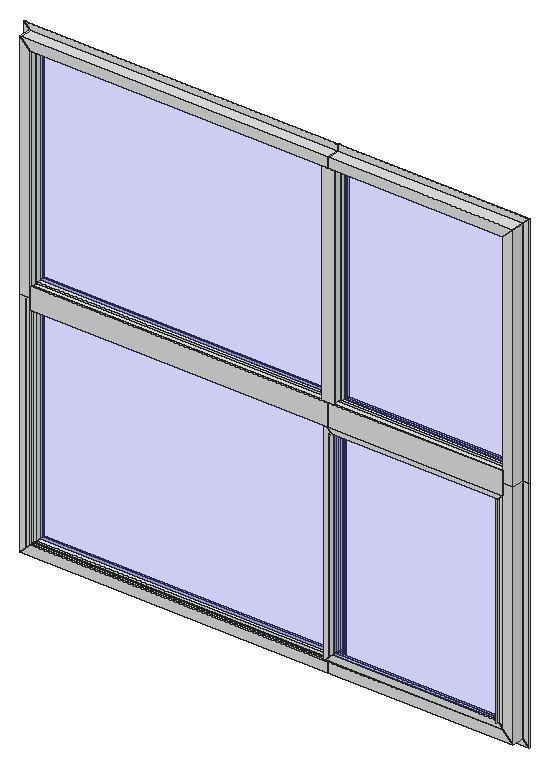
Revit family "531_XO-UT_stucco", category Windows, host Wall, Revit 2016 (continued)
Automatic sketch dimensions
  Extrusion 7 sketch curve to Extrusion 7 sketch curve = 0.03674"
  Extrusion 7 sketch curve to Extrusion 7 sketch curve = 0.2"
  Extrusion 7 sketch curve to Extrusion 7 sketch curve = 0.2425"
  Extrusion 7 sketch curve to Extrusion 7 sketch curve = 0.122"  (x2)
  Extrusion 7 sketch curve to Extrusion 7 sketch curve = 1/2"
  Extrusion 7 sketch curve to Extrusion 7 sketch curve = 0.0395"
  Extrusion 7 sketch curve to Extrusion 7 sketch curve = 0.4135"
  Extrusion 7 sketch curve to host wall = 0.185"
  host wall to Extrusion 7 sketch curve = 0.065"
  host wall to Extrusion 7 sketch curve = 0.315"
  Extrusion 7 sketch curve to plane 24 "Front of glass" = 0.3485"
  Extrusion 7 sketch curve to plane 24 "Front of glass" = 0.4135"
  Extrusion 8 sketch curve to host wall = 0.1225"
  plane 20 to Extrusion 8 sketch curve = 0.50076"
  Extrusion 8 sketch curve to host wall = 0.0005"
  Extrusion 8 sketch curve to Extrusion 8 sketch curve = 0"
  plane 24 "Front of glass" to Extrusion 8 sketch curve = 0.03"
  Extrusion 8 sketch curve to Extrusion 8 sketch curve = 0.03674"
  Extrusion 8 sketch curve to plane 24 "Front of glass" = 0.0095"
  Extrusion 8 sketch curve to Extrusion 8 sketch curve = 0.02523"
  plane 20 to Extrusion 8 sketch curve = 0.15576"
  plane 20 to Extrusion 8 sketch curve = 0.00076"  (x2)
  Extrusion 8 sketch curve to plane 20 = 0.12424"
  Extrusion 8 sketch curve to plane 6 "Head" = 0.2"
  Extrusion 8 sketch curve to Extrusion 8 sketch curve = 0.2"
  Extrusion 8 sketch curve to Extrusion 8 sketch curve = 0.6125"
  host wall to Extrusion 8 sketch curve = 0.065"
  Extrusion 8 sketch curve to Extrusion 8 sketch curve = 0.122"
  Extrusion 8 sketch curve to plane 24 "Front of glass" = 0.3485"
  Extrusion 8 sketch curve to Extrusion 8 sketch curve = 0.36391"
  Extrusion 8 sketch curve to Extrusion 8 sketch curve = 0.065"
  plane 22 to Extrusion 9 sketch curve = 0"  (x2)
  plane 19 to Extrusion 9 sketch curve = 0"  (x2)
  plane 22 to Extrusion 9 sketch curve = 0.438"
  Extrusion 9 sketch curve to Extrusion 9 sketch curve = 0.02526"  (x2)
  Extrusion 9 sketch curve to Extrusion 9 sketch curve = 1/2"  (x2)
  Extrusion 9 sketch curve to Extrusion 9 sketch curve = 0.03674"
  Extrusion 9 sketch curve to plane 22 = 0.08733"
  Extrusion 9 sketch curve to Extrusion 9 sketch curve = 0.03767"
  Extrusion 9 sketch curve to host wall = 0.185"
  plane 18 to Extrusion 9 sketch curve = 1/2"
  Extrusion 9 sketch curve to Extrusion 9 sketch curve = 1/8"
  plane 19 to Extrusion 9 sketch curve = 0.001"
  Extrusion 9 sketch curve to plane 19 = 0.155"
  Extrusion 9 sketch curve to plane 19 = 0.438"
  Extrusion 9 sketch curve to Extrusion 9 sketch curve = 0.345"
  Extrusion 9 sketch curve to host wall = 0.0005"
  Extrusion 9 sketch curve to Extrusion 9 sketch curve = 0"
  Extrusion 9 sketch curve to Extrusion 9 sketch curve = 0.2"  (x2)
  Extrusion 9 sketch curve to Extrusion 9 sketch curve = 0.2425"
  Extrusion 9 sketch curve to Extrusion 9 sketch curve = 0.122"  (x3)
  Extrusion 9 sketch curve to Extrusion 9 sketch curve = 0.0395"
  Extrusion 9 sketch curve to Extrusion 9 sketch curve = 0.36391"  (x2)
  Extrusion 9 sketch curve to Extrusion 9 sketch curve = 0.01009"
  Extrusion 9 sketch curve to Extrusion 9 sketch curve = 0.7345"
  host wall to Extrusion 9 sketch curve = 0.315"
  plane 24 "Front of glass" to Extrusion 9 sketch curve = 0.152"
  plane 24 "Front of glass" to Extrusion 9 sketch curve = 0.03"
  Extrusion 9 sketch curve to plane 24 "Front of glass" = 0.0095"
  Extrusion 9 sketch curve to plane 24 "Front of glass" = 0.37122"
  Extrusion 9 sketch curve to Extrusion 9 sketch curve = 0.04228"
  plane 24 "Front of glass" to Extrusion 10 sketch curve = 0"
  Extrusion 10 sketch curve to plane 24 "Front of glass" = 0.0395"
  Extrusion 10 sketch curve to plane 24 "Front of glass" = 0.3485"
  plane 15 to Extrusion 10 sketch curve = 0.09787"
  Extrusion 10 sketch curve to plane 24 "Front of glass" = 0.40341"
  plane 15 to Extrusion 10 sketch curve = 0.14"
  Extrusion 10 sketch curve to Extrusion 10 sketch curve = 0.01009"
  host wall to Extrusion 10 sketch curve = 0.065"
  Extrusion 10 sketch curve to host wall = 0.0925"
  Extrusion 10 sketch curve to host wall = 0.735"
  Extrusion 10 sketch curve to Extrusion 10 sketch curve = 0.2"  (x2)
  plane 15 to Extrusion 10 sketch curve = 3/8"
  plane 15 to Extrusion 10 sketch curve = 0.0005"
  Extrusion 10 sketch curve to plane 15 = 7/16"
  Extrusion 10 sketch curve to Extrusion 10 sketch curve = 0.02526"
  Extrusion 10 sketch curve to plane 15 = 0.4995"
  host wall to Extrusion 11 sketch curve = 0.065"
  Extrusion 11 sketch curve to plane 16 = 0.12414"
  host wall to Extrusion 11 sketch curve = 0.315"
  Extrusion 11 sketch curve to plane 24 "Front of glass" = 0.3485"
  Extrusion 11 sketch curve to Extrusion 11 sketch curve = 0.065"
  Extrusion 11 sketch curve to host wall = 0.185"
  Extrusion 11 sketch curve to Extrusion 11 sketch curve = 0.56044"
  Extrusion 11 sketch curve to plane 13 = 0.139"
  Extrusion 11 sketch curve to Extrusion 11 sketch curve = 0.08956"
  Extrusion 11 sketch curve to Extrusion 11 sketch curve = 0.01009"
  Extrusion 11 sketch curve to Extrusion 11 sketch curve = 0.36391"
  plane 13 to Extrusion 11 sketch curve = 0.46426"
  Extrusion 11 sketch curve to Extrusion 11 sketch curve = 0.0395"
  Extrusion 11 sketch curve to Extrusion 11 sketch curve = 0.2425"
  Extrusion 11 sketch curve to Extrusion 11 sketch curve = 0.37545"
  Extrusion 11 sketch curve to Extrusion 11 sketch curve = 0.06205"
  Extrusion 11 sketch curve to Extrusion 11 sketch curve = 0.02526"
  Extrusion 11 sketch curve to Extrusion 11 sketch curve = 1/16"
  Extrusion 11 sketch curve to Extrusion 11 sketch curve = 0.04263"
  Extrusion 11 sketch curve to Extrusion 11 sketch curve = 0.4845"
  Extrusion 11 sketch curve to plane 16 = 0.24914"
  Extrusion 11 sketch curve to plane 4 "Right" = 0.2"
  plane 24 "Front of glass" to Extrusion 12 sketch curve = 0"
  Extrusion 12 sketch curve to plane 24 "Front of glass" = 0.0395"
  Extrusion 12 sketch curve to plane 14 = 0.08526"
  Extrusion 12 sketch curve to plane 24 "Front of glass" = 0.40341"
  Extrusion 12 sketch curve to Extrusion 12 sketch curve = 0.01009"
  plane 24 "Front of glass" to Extrusion 12 sketch curve = 0.2065"
  Extrusion 12 sketch curve to Extrusion 12 sketch curve = 0.1"  (x2)
  Extrusion 12 sketch curve to host wall = 0.0925"
  Extrusion 12 sketch curve to host wall = 0.155"
  plane 17 to Extrusion 12 sketch curve = 0.1251"
  Extrusion 12 sketch curve to Extrusion 12 sketch curve = 0.45"
  plane 17 to Extrusion 12 sketch curve = 0.3121"
  Extrusion 12 sketch curve to Extrusion 12 sketch curve = 0.504"
  Extrusion 12 sketch curve to Extrusion 12 sketch curve = 0.37446"
  Extrusion 12 sketch curve to Extrusion 12 sketch curve = 0.06238"
  Extrusion 12 sketch curve to Extrusion 12 sketch curve = 0.00066"
  plane 12 to Extrusion 12 sketch curve = 0.09724"
  plane 12 to Extrusion 12 sketch curve = 0.07198"
  Extrusion 12 sketch curve to Extrusion 12 sketch curve = 0.00721"
  Extrusion 12 sketch curve to Extrusion 12 sketch curve = 0.02526"
  Extrusion 12 sketch curve to Extrusion 12 sketch curve = 0"
  Extrusion 12 sketch curve to plane 17 = 0.2899"  (x2)
  plane 11 "VBS" to Extrusion 25 sketch curve = 0"
  plane 14 to Extrusion 25 sketch curve = 0.166"
  plane 12 to Extrusion 25 sketch curve = 0.54998"
  Extrusion 25 sketch curve to plane 17 = 0.3339"
  plane 5 "Sill" to Extrusion 25 sketch curve = 0.85"
  Extrusion 25 sketch curve to plane 21 = 1/2"
  Extrusion 25 sketch curve to plane 23 = 1.084"
  plane 12 to Extrusion 26 sketch curve = 0.68007"
  plane 14 to Extrusion 26 sketch curve = 0.166"
  plane 17 to Extrusion 26 sketch curve = 0.2501"
  Extrusion 26 sketch curve to plane 17 = 0.45381"
  plane 5 "Sill" to Extrusion 26 sketch curve = 0.6"
  Extrusion 26 sketch curve to plane 21 = 1/2"
  Extrusion 26 sketch curve to plane 23 = 1/2"
  plane 11 "VBS" to Extrusion 27 sketch curve = 0"
  plane 14 to Extrusion 27 sketch curve = 0.122"
  plane 12 to Extrusion 27 sketch curve = 0.63398"
  Extrusion 27 sketch curve to plane 17 = 0.38874"
  plane 22 to Extrusion 27 sketch curve = 1.13885"
  plane 18 to Extrusion 27 sketch curve = 1/2"
  Extrusion 27 sketch curve to plane 19 = 1.27981"
  plane 12 to Extrusion 28 sketch curve = 0.50598"
  plane 14 to Extrusion 28 sketch curve = 0.122"
  plane 17 to Extrusion 28 sketch curve = 0.2501"
  plane 22 to Extrusion 28 sketch curve = 1/2"
  Extrusion 28 sketch curve to plane 17 = 1.52267"
  plane 18 to Extrusion 28 sketch curve = 1/2"
  Extrusion 28 sketch curve to plane 19 = 1/2"
  plane 13 to Extrusion 29 sketch curve = 2.1265"
  plane 16 to Extrusion 29 sketch curve = 0.50086"
  Extrusion 29 sketch curve to plane 4 "Right" = 1.85"
  plane 22 to Extrusion 29 sketch curve = 2.1255"
  plane 18 to Extrusion 29 sketch curve = 0.4975"
  Extrusion 29 sketch curve to plane 19 = 2.0325"
  plane 13 to Extrusion 30 sketch curve = 1.629"
  plane 16 to Extrusion 30 sketch curve = 0.50336"
  plane 22 to Extrusion 30 sketch curve = 1.628"
  plane 18 to Extrusion 30 sketch curve = 1/2"
  plane 19 to Extrusion 30 sketch curve = 0.72"
  plane 13 to Extrusion 31 sketch curve = 2.07269"
  Extrusion 31 sketch curve to plane 4 "Right" = 1.40381"
  plane 5 "Sill" to Extrusion 31 sketch curve = 1.40381"
  Extrusion 31 sketch curve to plane 23 = 2.03019"
  plane 13 to Extrusion 32 sketch curve = 1.71914"
  Extrusion 32 sketch curve to plane 4 "Right" = 1.93497"
  plane 5 "Sill" to Extrusion 32 sketch curve = 1.93497"
  Extrusion 32 sketch curve to plane 23 = 1.67664"
  plane 3 "Left" to Extrusion 42 sketch curve = 2.00736"
  Extrusion 42 sketch curve to plane 15 = 1.42157"
  plane 5 "Sill" to Extrusion 42 sketch curve = 2.00736"
  Extrusion 42 sketch curve to plane 23 = 0.25557"
  plane 3 "Left" to Extrusion 43 sketch curve = 1.63553"
  Extrusion 43 sketch curve to plane 23 = 0.04847"
  Extrusion 43 sketch curve to plane 15 = 1.21447"
  plane 5 "Sill" to Extrusion 43 sketch curve = 1.63553"
  Extrusion 44 sketch curve to plane 19 = 2.2349"
  plane 3 "Left" to Extrusion 44 sketch curve = 6.74016"
  Extrusion 44 sketch curve to plane 15 = 1/2"
  plane 22 to Extrusion 44 sketch curve = 0.9231"
  plane 3 "Left" to Extrusion 45 sketch curve = 1.86091"
  Extrusion 45 sketch curve to plane 15 = 1.52513"
  plane 20 to Extrusion 45 sketch curve = 1.52588"
  Extrusion 45 sketch curve to plane 6 "Head" = 1.86091"
  plane 3 "Left" to Extrusion 46 sketch curve = 1.82878"
  Extrusion 46 sketch curve to plane 15 = 1.34835"
  plane 20 to Extrusion 46 sketch curve = 1.34911"
  Extrusion 46 sketch curve to plane 6 "Head" = 1.82878"
  plane 20 to Extrusion 47 sketch curve = 0.50076"
  Extrusion 47 sketch curve to plane 6 "Head" = 1.85"
  plane 13 to Extrusion 48 sketch curve = 0.79807"
  Extrusion 48 sketch curve to plane 4 "Right" = 1.80845"
  plane 20 to Extrusion 48 sketch curve = 1.92348"
  Extrusion 48 sketch curve to plane 6 "Head" = 1.8073"
  Extrusion 49 sketch curve to plane 13 = 0.04863"
  Extrusion 49 sketch curve to plane 4 "Right" = 1.90496"
  plane 20 to Extrusion 49 sketch curve = 1.07678"
  Extrusion 49 sketch curve to plane 6 "Head" = 1.90381"
  curve 34 to curve 38 = 1 1/2"
  curve 37 to curve 39 = 2 1/2"
  curve 44 to curve 46 = 0"  (x2)
  curve 46 to curve 44 = 2 1/2"
  curve 44 to curve 45 = 2 1/2"
  curve 40 to curve 47 = 1 1/2"
  curve 43 to curve 48 = 2 1/2"
  curve 55 to curve 53 = 2 1/2"
  curve 55 to curve 54 = 2 1/2"
  curve 53 to curve 55 = 0"  (x2)
  curve 49 to curve 56 = 1 1/2"
  curve 52 to curve 57 = 2 1/2"
  curve 60 to curve 59 = 0"
  curve 60 to curve 60 = 2 1/2"
  curve 59 to curve 58 = 2 1/2"  (x2)
  curve 59 to curve 58 = 0"
  curve 60 to curve 59 = 2 1/2"
  plane 13 to curve 63 = 2.35586"
  curve 64 to curve 68 = 2 1/2"
  curve 69 to curve 64 = 2"
  curve 72 to curve 71 = 0"
  curve 73 to curve 77 = 2 1/2"
  curve 78 to curve 73 = 2"
  curve 81 to curve 80 = 0"
  curve 82 to curve 86 = 2 1/2"
  curve 87 to curve 85 = 2"
  curve 90 to curve 89 = 0"
  plane 15 to Extrusion 1 sketch curve = 0.0001"
  plane 24 "Front of glass" to Extrusion 50 sketch curve = 0.03"
  plane 12 to Extrusion 2 sketch curve = 0.38409"
  plane 12 to Extrusion 2 sketch curve = 0.34734"
  Extrusion 2 sketch curve to host wall = 0.1225"
  plane 16 to Extrusion 3 sketch curve = 0.50075"
  plane 24 "Front of glass" to Extrusion 3 sketch curve = 0.03"
  plane 16 to Extrusion 3 sketch curve = 0.46401"
  Extrusion 3 sketch curve to Extrusion 3 sketch curve = 0.02526"
  plane 16 to Extrusion 3 sketch curve = 0.15575"
  Extrusion 3 sketch curve to plane 16 = 0.12414"
  Extrusion 3 sketch curve to plane 4 "Right" = 0.2"
  Extrusion 3 sketch curve to Extrusion 3 sketch curve = 0.2"
  Extrusion 3 sketch curve to host wall = 0.735"
  Extrusion 3 sketch curve to host wall = 0.1225"
  host wall to Extrusion 3 sketch curve = 0.065"
  Extrusion 3 sketch curve to plane 24 "Front of glass" = 0.0095"
  Extrusion 3 sketch curve to plane 24 "Front of glass" = 0.3485"
  Extrusion 3 sketch curve to plane 24 "Front of glass" = 0.37341"
  Extrusion 3 sketch curve to Extrusion 3 sketch curve = 0.04009"
  Extrusion 12 sketch curve to plane 14 = 0"
  Extrusion 12 sketch curve to Extrusion 12 sketch curve = 0.744"
  Extrusion 12 sketch curve to Extrusion 12 sketch curve = 0.0395"
  Extrusion 53 sketch curve to Extrusion 53 sketch curve = 0.744"
  Extrusion 11 sketch curve to Extrusion 11 sketch curve = 0.501"
  Extrusion 11 sketch curve to Extrusion 11 sketch curve = 0.744"
  Extrusion 4 sketch curve to host wall = 0.0925"
  Extrusion 6 sketch curve to Extrusion 6 sketch curve = 0.46326"
  plane 18 to Extrusion 6 sketch curve = 0"
  plane 19 to Extrusion 6 sketch curve = 0"
  Extrusion 6 sketch curve to host wall = 0.1225"
  Extrusion 6 sketch curve to plane 19 = 1/2"
  Extrusion 6 sketch curve to Extrusion 6 sketch curve = 0.6125"
  Extrusion 5 sketch curve to Extrusion 5 sketch curve = 0.46326"
  plane 20 to Extrusion 5 sketch curve = 0.00076"
  Extrusion 5 sketch curve to Extrusion 5 sketch curve = 1/2"
  Extrusion 5 sketch curve to Extrusion 5 sketch curve = 0.6125"
Types (90): name | VBS | MLW3 | MLW2 | MLW | Interior Color | Height | HBS | Exterior Color | Width
  (no name) | 36" | 5 5/8" | 7 1/2" | 4 1/2" | White | 90" | 45" | White | 96"
  36x36 | 18" | 2 1/4" | 2 1/4" | 2 1/4" | none | 36" | 18" | none | 36"
  72x72 | 36" | 4 1/2" | 4 1/2" | 4 1/2" | none | 72" | 36" | none | 72"
  24x24Min | 12" | 1 1/2" | 1 1/2" | 1 1/2" | none | 24" | 12" | none | 24"
  96x96Max | 36" | 6" | 7 1/2" | 4 1/2" | none | 96" | 48" | none | 96"
  48x48 | 24" | 3" | 3" | 3" | none | 48" | 24" | none | 48"
  60x60 | 30" | 3 3/4" | 3 3/4" | 3 3/4" | none | 60" | 30" | none | 60"
  84x84 | 36" | 5 1/4" | 6" | 4 1/2" | none | 84" | 42" | none | 84"
  24x30 | 12" | 1 7/8" | 1 1/2" | 1 1/2" | none | 30" | 15" | none | 24"
  24x36 | 12" | 2 1/4" | 1 1/2" | 1 1/2" | none | 36" | 18" | none | 24"
  24x42 | 12" | 2 5/8" | 1 1/2" | 1 1/2" | none | 42" | 21" | none | 24"
  24x48 | 12" | 3" | 1 1/2" | 1 1/2" | none | 48" | 24" | none | 24"
  30x24 | 15" | 1 1/2" | 1 7/8" | 1 7/8" | none | 24" | 12" | none | 30"
  30x30 | 15" | 1 7/8" | 1 7/8" | 1 7/8" | none | 30" | 15" | none | 30"
  30x36 | 15" | 2 1/4" | 1 7/8" | 1 7/8" | none | 36" | 18" | none | 30"
  30x42 | 15" | 2 5/8" | 1 7/8" | 1 7/8" | none | 42" | 21" | none | 30"
  30x48 | 15" | 3" | 1 7/8" | 1 7/8" | none | 48" | 24" | none | 30"
  30x54 | 15" | 3 3/8" | 1 7/8" | 1 7/8" | none | 54" | 27" | none | 30"
  30x60 | 15" | 3 3/4" | 1 7/8" | 1 7/8" | none | 60" | 30" | none | 30"
  30x66 | 15" | 4 1/8" | 1 7/8" | 1 7/8" | none | 66" | 33" | none | 30"
  36x30 | 18" | 1 7/8" | 2 1/4" | 2 1/4" | none | 30" | 15" | none | 36"
  36x42 | 18" | 2 5/8" | 2 1/4" | 2 1/4" | none | 42" | 21" | none | 36"
  36x48 | 18" | 3" | 2 1/4" | 2 1/4" | none | 48" | 24" | none | 36"
  36x54 | 18" | 3 3/8" | 2 1/4" | 2 1/4" | none | 54" | 27" | none | 36"
  36x60 | 18" | 3 3/4" | 2 1/4" | 2 1/4" | none | 60" | 30" | none | 36"
  36x66 | 18" | 4 1/8" | 2 1/4" | 2 1/4" | none | 66" | 33" | none | 36"
  42x36 | 21" | 2 1/4" | 2 5/8" | 2 5/8" | none | 36" | 18" | none | 42"
  42x42 | 21" | 2 5/8" | 2 5/8" | 2 5/8" | none | 42" | 21" | none | 42"
  42x48 | 21" | 3" | 2 5/8" | 2 5/8" | none | 48" | 24" | none | 42"
  42x54 | 21" | 3 3/8" | 2 5/8" | 2 5/8" | none | 54" | 27" | none | 42"
  42x60 | 21" | 3 3/4" | 2 5/8" | 2 5/8" | none | 60" | 30" | none | 42"
  42x66 | 21" | 4 1/8" | 2 5/8" | 2 5/8" | none | 66" | 33" | none | 42"
  42x72 | 21" | 4 1/2" | 2 5/8" | 2 5/8" | none | 72" | 36" | none | 42"
  48x42 | 24" | 2 5/8" | 3" | 3" | none | 42" | 21" | none | 48"
  48x54 | 24" | 3 3/8" | 3" | 3" | none | 54" | 27" | none | 48"
  48x60 | 24" | 3 3/4" | 3" | 3" | none | 60" | 30" | none | 48"
  48x66 | 24" | 4 1/8" | 3" | 3" | none | 66" | 33" | none | 48"
  48x72 | 24" | 4 1/2" | 3" | 3" | none | 72" | 36" | none | 48"
  48x78 | 24" | 4 7/8" | 3" | 3" | none | 78" | 39" | none | 48"
  54x48 | 27" | 3" | 3 3/8" | 3 3/8" | none | 48" | 24" | none | 54"
  54x54 | 27" | 3 3/8" | 3 3/8" | 3 3/8" | none | 54" | 27" | none | 54"
  54x60 | 27" | 3 3/4" | 3 3/8" | 3 3/8" | none | 60" | 30" | none | 54"
  54x66 | 27" | 4 1/8" | 3 3/8" | 3 3/8" | none | 66" | 33" | none | 54"
  54x72 | 27" | 4 1/2" | 3 3/8" | 3 3/8" | none | 72" | 36" | none | 54"
  54x78 | 27" | 4 7/8" | 3 3/8" | 3 3/8" | none | 78" | 39" | none | 54"
  54x84 | 27" | 5 1/4" | 3 3/8" | 3 3/8" | none | 84" | 42" | none | 54"
  60x54 | 30" | 3 3/8" | 3 3/4" | 3 3/4" | none | 54" | 27" | none | 60"
  60x66 | 30" | 4 1/8" | 3 3/4" | 3 3/4" | none | 66" | 33" | none | 60"
  60x72 | 30" | 4 1/2" | 3 3/4" | 3 3/4" | none | 72" | 36" | none | 60"
  60x78 | 30" | 4 7/8" | 3 3/4" | 3 3/4" | none | 78" | 39" | none | 60"
  60x84 | 30" | 5 1/4" | 3 3/4" | 3 3/4" | none | 84" | 42" | none | 60"
  60x90 | 30" | 5 5/8" | 3 3/4" | 3 3/4" | none | 90" | 45" | none | 60"
  66x54 | 33" | 3 3/8" | 4 1/8" | 4 1/8" | none | 54" | 27" | none | 66"
  66x60 | 33" | 3 3/4" | 4 1/8" | 4 1/8" | none | 60" | 30" | none | 66"
  66x66 | 33" | 4 1/8" | 4 1/8" | 4 1/8" | none | 66" | 33" | none | 66"
  66x72 | 33" | 4 1/2" | 4 1/8" | 4 1/8" | none | 72" | 36" | none | 66"
  66x78 | 33" | 4 7/8" | 4 1/8" | 4 1/8" | none | 78" | 39" | none | 66"
  66x84 | 33" | 5 1/4" | 4 1/8" | 4 1/8" | none | 84" | 42" | none | 66"
  66x90 | 33" | 5 5/8" | 4 1/8" | 4 1/8" | none | 90" | 45" | none | 66"
  66x96 | 33" | 6" | 4 1/8" | 4 1/8" | none | 96" | 48" | none | 66"
  72x60 | 36" | 3 3/4" | 4 1/2" | 4 1/2" | none | 60" | 30" | none | 72"
  72x66 | 36" | 4 1/8" | 4 1/2" | 4 1/2" | none | 66" | 33" | none | 72"
  72x78 | 36" | 4 7/8" | 4 1/2" | 4 1/2" | none | 78" | 39" | none | 72"
  72x84 | 36" | 5 1/4" | 4 1/2" | 4 1/2" | none | 84" | 42" | none | 72"
  72x90 | 36" | 5 5/8" | 4 1/2" | 4 1/2" | none | 90" | 45" | none | 72"
  72x96 | 36" | 6" | 4 1/2" | 4 1/2" | none | 96" | 48" | none | 72"
  78x60 | 36" | 3 3/4" | 5 1/4" | 4 1/2" | none | 60" | 30" | none | 78"
  78x66 | 36" | 4 1/8" | 5 1/4" | 4 1/2" | none | 66" | 33" | none | 78"
  78x72 | 36" | 4 1/2" | 5 1/4" | 4 1/2" | none | 72" | 36" | none | 78"
  78x78 | 36" | 4 7/8" | 5 1/4" | 4 1/2" | none | 78" | 39" | none | 78"
  78x84 | 36" | 5 1/4" | 5 1/4" | 4 1/2" | none | 84" | 42" | none | 78"
  78x90 | 36" | 5 5/8" | 5 1/4" | 4 1/2" | none | 90" | 45" | none | 78"
  78x96 | 36" | 6" | 5 1/4" | 4 1/2" | none | 96" | 48" | none | 78"
  84x60 | 36" | 3 3/4" | 6" | 4 1/2" | none | 60" | 30" | none | 84"
  84x66 | 36" | 4 1/8" | 6" | 4 1/2" | none | 66" | 33" | none | 84"
  84x72 | 36" | 4 1/2" | 6" | 4 1/2" | none | 72" | 36" | none | 84"
  84x78 | 36" | 4 7/8" | 6" | 4 1/2" | none | 78" | 39" | none | 84"
  84x90 | 36" | 5 5/8" | 6" | 4 1/2" | none | 90" | 45" | none | 84"
  84x96 | 36" | 6" | 6" | 4 1/2" | none | 96" | 48" | none | 84"
  90x66 | 36" | 4 1/8" | 6 3/4" | 4 1/2" | none | 66" | 33" | none | 90"
  90x72 | 36" | 4 1/2" | 6 3/4" | 4 1/2" | none | 72" | 36" | none | 90"
  90x78 | 36" | 4 7/8" | 6 3/4" | 4 1/2" | none | 78" | 39" | none | 90"
  90x84 | 36" | 5 1/4" | 6 3/4" | 4 1/2" | none | 84" | 42" | none | 90"
  90x90 | 36" | 5 5/8" | 6 3/4" | 4 1/2" | none | 90" | 45" | none | 90"
  90x96 | 36" | 6" | 6 3/4" | 4 1/2" | none | 96" | 48" | none | 90"
  96x66 | 36" | 4 1/8" | 7 1/2" | 4 1/2" | none | 66" | 33" | none | 96"
  96x72 | 36" | 4 1/2" | 7 1/2" | 4 1/2" | none | 72" | 36" | none | 96"
  96x78 | 36" | 4 7/8" | 7 1/2" | 4 1/2" | none | 78" | 39" | none | 96"
  96x84 | 36" | 5 1/4" | 7 1/2" | 4 1/2" | none | 84" | 42" | none | 96"
  96x90 | 36" | 5 5/8" | 7 1/2" | 4 1/2" | White | 90" | 45" | White | 96"
